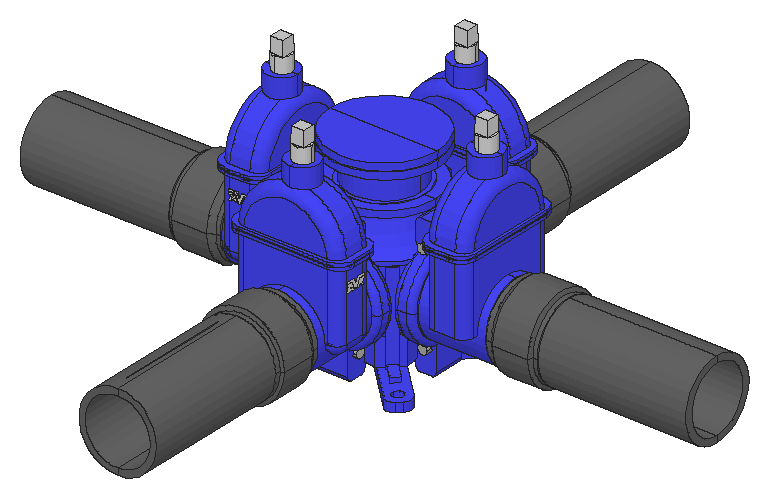
Revit family "18-01-010 DN150 Combicross without BL_CAP_D180", category Pipe Accessories, Revit 2022
Family settings
  Round Connector Dimension = Use Diameter
  Part Type = Valve - Breaks Into
  Work Plane-Based = No
  Always vertical = Yes
  Cut with Voids When Loaded = No
  Shared = No
Parameters (values of type "DN150 Without BL_CAP_D180")
  test = 100 mm  # constant formula
  URL_product_pages = "https://www.avkvalves.com/P.aspx?no=1815001DDDD94764"
  Search_table = "18-01-010 DN150 Combicross without BL_CAP_D180"
  Rib_dim2 = 510 mm * 0.04  # 20.4 mm
  Rib_dim1 = 55 mm * 0.2  # 11 mm
  Raised_dis = size_lookup(Search_table, "Raised_dis", 0 mm, DN)  # 3 mm
  Rib_dim3 = PCD * 0.45  # 180 mm
  PCD = 510 mm - 110 mm  # 400 mm
  L3 = size_lookup(Search_table, "L3", 0 mm, DN)  # 956 mm
  L = size_lookup(Search_table, "L", 0 mm, DN) / 2  # 770.5 mm
  Hole_dia = 26 mm / 2  # 13 mm
  H3-H1 = H3 - H1  # 401 mm
  H3 = size_lookup(Search_table, "H3", 0 mm, DN)  # 591 mm
  H1 = size_lookup(Search_table, "H1", 0 mm, DN)  # 190 mm
  FL_T = size_lookup(Search_table, "FL_T", 0 mm, DN)  # 16 mm
  Description_ = "COMBI-CROSS, PE PIPE ENDS, PN16"
  Default Elevation = 0 mm
  DN150 Without BL_CAP_D180 = "18-150-01-DDDD94764"
  DN = 150 mm
  Conn.3 = size_lookup(Search_table, "Conn.3", 0 mm, DN)  # 180 mm
  Conn.2 = size_lookup(Search_table, "Conn.2", 0 mm, DN)  # 180 mm
  Conn.1 = size_lookup(Search_table, "Conn.1", 0 mm, DN)  # 180 mm
  L4 = size_lookup(Search_table, "L4", 0 mm, DN)  # 344 mm
  Centre_Flange_OD = size_lookup(Search_table, "Centre_Flange_OD", 0 mm, DN) / 2  # 110 mm
  Centre_Bnt_H = size_lookup(Search_table, "Centre_Bnt_H", 0 mm, DN)  # 85 mm
  Centre_dis = size_lookup(Search_table, "Centre_dis", 0 mm, DN) / 2  # 125 mm
  Centre_B_H = size_lookup(Search_table, "Centre_B_H", 0 mm, DN)  # 188 mm
  C_to_connection = size_lookup(Search_table, "C_to_connection", 0 mm, DN)  # 125 mm
  C_FL_D = size_lookup(Search_table, "C_FL_D", 0 mm, DN) / 2  # 120 mm
  C_Bnt_OD = Bore * 1.25  # 93.75 mm
  Bore = DN / 2  # 75 mm
  Body_T = size_lookup(Search_table, "Body_T", 0 mm, DN)  # 9 mm
  Bnt_RR = Centre_dis * 0.85  # 106.25 mm
  55/2 = 55 mm / 2  # 27.5 mm
  510 = 510 mm / 2  # 255 mm
  35 = 35 mm  # constant formula
  320 = 320 mm / 2  # 160 mm
  30 = 30 mm  # constant formula
  20 = 20 mm  # constant formula
  2 = 2 mm  # constant formula
  185 = 185 mm  # constant formula
  15 = 15 mm  # constant formula
  10 = 10 mm  # constant formula
  1 = 150 mm  # constant formula
Reference planes
  plane 1 "Center (Front/Back)": y = 0
  plane 2: z = 0
  plane 3 "Center (Left/Right)": x = 0
  plane 4: through (0, 0, 1200) normal (-0.7071, 0.7071, 0)
  plane 5: through (0, 0, 1200) normal (-0.7071, -0.7071, 0)
  plane 6: z = 75
  plane 7: z = -75
  plane 8: z = 188
  plane 9: z = 172
  plane 10: x = -75
  plane 11: x = 75
  plane 12: x = -125
  plane 13: x = 125
  plane 14: z = 273
  plane 15: z = 270
  plane 16: z = 289
  plane 17: z = 401
  plane 18: x = -125
  plane 19: x = 125
  plane 20: y = 125
  plane 21: y = -125
  plane 22: through (124.616, -485.241, 1200) normal (0.7071, 0.7071, 0)
  plane 23: z = -185
  plane 24: z = -155
  plane 25: through (-593.135, 232.511, 1200) normal (0.7071, 0.7071, 0)
  plane 26: y = -75
  plane 27: x = -75
  plane 28: through (-126.931, 487.555, 1200) normal (0.7071, 0.7071, 0)
  plane 29: through (-400.771, -40.147, 1200) normal (-0.7071, 0.7071, 0)
  plane 30: through (-24.107, -384.732, 1200) normal (-0.7071, 0.7071, 0)
  plane 31: through (58.234, 97.33, 1200) normal (0.7071, 0.7071, 0)
  plane 32: through (-97.33, -58.234, 1200) normal (0.7071, 0.7071, 0)
  plane 33: through (58.234, -97.33, 1200) normal (-0.7071, 0.7071, 0)
  plane 34: through (-97.33, 58.234, 1200) normal (-0.7071, 0.7071, 0)
  plane 35: x = -770.5
  plane 36: x = 770.5
  plane 37: x = -426.5
  plane 38: z = -190
  plane 39: y = 770.5
  plane 40: y = -185.5
Forms (mm)
  Revolve 1, solid, material "Laminate, Blue, Matte"
    sketch origin (0, 0, -71.799) x (1, 0, 0) y (0, 0, 1)
      loop
        line (-125, 155.799) -> (-125, 146.799) -> (-75, 146.799) -> (-75, 243.799) -> (-84, 243.799)
        arc (-84, 243.799) -> (-96.418, 196.034) -> (-125, 155.799) r 136.586
      axis (0, 243.799) -> (0, 146.799)
    angle from 0 to 360
  Revolve 2, solid, material "Laminate, Blue, Matte"
    sketch origin (0, 0, 0) x (1, 0, 0) y (0, 0, 1)
      loop
        line (125, 270) -> (106.25, 270) -> (106.25, 273) -> (75, 273) -> (75, 188) -> (84, 188) -> (84, 254) -> (125, 254) -> (125, 270)
      axis (0, 273) -> (0, 188)
    angle from 0 to 360
  Extrusion 3, solid, material "Laminate, Blue, Matte"
    sketch origin (-442.62, -1524, 188) x (-1, 0, 0) y (0, -1, 0)
      loop
        circle (-442.62, -1524) r 93.75
      loop
        circle (-442.62, -1524) r 75
    from 0 to -16
  Revolve 4, solid, material "Laminate, Blue, Matte"
    sketch origin (0, 0, 0) x (1, 0, 0) y (0, 0, 1)
      loop
        line (-125, 289) -> (-125, 273) -> (0, 273) -> (0, 289) -> (-125, 289)
      axis (0, 273) -> (0, 289)
    angle from 0 to 360
  Revolve 5, solid, material "Laminate, Blue, Matte"
    sketch origin (0, 0, 0) x (1, 0, 0) y (0, 0, 1)
      loop
        line (0, 75) -> (-125, 75) -> (-125, -64)
        arc (-125, -64) -> (-119.142, -78.142) -> (-105, -84) r 20
        line (-105, -84) -> (0, -84) -> (0, 75)
      axis (0, 75) -> (0, -84)
    angle from 0 to 360
  Revolve 6, solid, material "Laminate, Blue, Matte"
    sketch origin (0, 0, 0) x (1, 0, 0) y (0, 0, 1)
      loop
        line (-120, 188) -> (-120, 172) -> (0, 172) -> (0, 188) -> (-120, 188)
      axis (0, 188) -> (0, 172)
    angle from 0 to 360
  Extrusion 7, solid, material "Laminate, Blue, Matte"
    sketch origin (0, 0, 0) x (1, 0, 0) y (0, 0, 1)
      loop
        circle (0, 0) r 75
    from -125 to 125
  Extrusion 8, solid, material "Laminate, Blue, Matte"
    sketch origin (0, 0, 0) x (0, 1, 0) y (0, 0, 1)
      loop
        circle (0, 0) r 75
    from -125 to 125
  Extrusion 9, solid, material "Laminate, Blue, Matte"
    sketch origin (-49.134, 0, 0) x (1, 0, 0) y (0, 1, 0)
      loop
        line (-136.481, -175.009) -> (-125.875, -185.616)
        arc (-125.875, -185.616) -> (-111.733, -191.473) -> (-97.59, -185.616) r 20
        line (-97.59, -185.616) -> (49.134, -38.891) -> (195.859, -185.616)
        arc (195.859, -185.616) -> (210.001, -191.473) -> (224.143, -185.616) r 20
        line (224.143, -185.616) -> (234.75, -175.009)
        arc (234.75, -175.009) -> (240.608, -160.867) -> (234.75, -146.725) r 20
        line (234.75, -146.725) -> (88.025, 0) -> (234.75, 146.725)
        arc (234.75, 146.725) -> (240.608, 160.867) -> (234.75, 175.009) r 20
        line (234.75, 175.009) -> (224.143, 185.616)
        arc (224.143, 185.616) -> (210.001, 191.473) -> (195.859, 185.616) r 20
        line (195.859, 185.616) -> (49.134, 38.891) -> (-97.59, 185.616)
        arc (-97.59, 185.616) -> (-111.733, 191.473) -> (-125.875, 185.616) r 20
        line (-125.875, 185.616) -> (-136.481, 175.009)
        arc (-136.481, 175.009) -> (-142.339, 160.867) -> (-136.481, 146.725) r 20
        line (-136.481, 146.725) -> (10.243, 0) -> (-136.481, -146.725)
        arc (-136.481, -146.725) -> (-142.339, -160.867) -> (-136.481, -175.009) r 20
      loop
        circle (-110.866, -160) r 13
      loop
        circle (209.134, 160) r 13
      loop
        circle (209.134, -160) r 13
      loop
        circle (-110.866, 160) r 13
    from -135 to -155
  Extrusion 10, solid, material "Laminate, Blue, Matte"
    sketch origin (-49.134, 0, 0) x (1, 0, 0) y (0, 1, 0)
      loop
        arc (-14.397, 105.957) -> (-38.375, 87.56) -> (-57.238, 63.946) r 125
        arc (-57.238, 63.946) -> (-51.47, 0.031) -> (-57.181, -63.889) r 358.772
        arc (-57.181, -63.889) -> (-38.3, -87.489) -> (-14.306, -105.867) r 125
        arc (-14.306, -105.867) -> (49.049, -99.923) -> (112.418, -105.711) r 345.161
        arc (112.418, -105.711) -> (136.834, -87.871) -> (156.251, -64.69) r 125
        arc (156.251, -64.69) -> (148.979, -0.039) -> (156.18, 64.619) r 292.468
        arc (156.18, 64.619) -> (137.545, 88.412) -> (113.745, 107.038) r 125
        arc (113.745, 107.038) -> (49.784, 93.453) -> (-14.397, 105.957) r 163.88
    from -135 to 0
  Extrusion 11, solid, material "Laminate, Blue, Matte"
    sketch origin (-49.134, 0, 0) x (1, 0, 0) y (0, 1, 0)
      loop
        line (49.134, 14.142) -> (-71.074, 134.35) -> (-85.216, 120.208) -> (34.992, 0) -> (-85.216, -120.208) -> (-71.074, -134.35) -> (49.134, -14.142) -> (169.342, -134.35) -> (183.484, -120.208) -> (63.276, 0) -> (183.484, 120.208) -> (169.342, 134.35) -> (49.134, 14.142)
    from -125 to -190
  Extrusion 12, solid, material "Laminate, Blue, Matte"
    sketch origin (-49.134, 0, 0) x (1, 0, 0) y (0, 1, 0)
      loop
        line (104.713, 71.135) -> (120.269, 55.579) -> (149.119, 84.429) -> (133.563, 99.985) -> (104.713, 71.135)
      loop
        line (-50.851, -84.429) -> (-35.294, -99.985) -> (-6.444, -71.135) -> (-22.001, -55.579) -> (-50.851, -84.429)
      loop
        line (149.119, -84.429) -> (120.269, -55.579) -> (104.713, -71.135) -> (133.563, -99.985) -> (149.119, -84.429)
      loop
        line (-6.444, 71.135) -> (-35.294, 99.985) -> (-50.851, 84.429) -> (-22.001, 55.579) -> (-6.444, 71.135)
    from -155 to 75
Dimensions and locks
  equal spacing: plane 6, level, plane 7
  "Bore": plane 6 to level
  "Centre_B_H": plane 8 to level
  "FL_T": plane 8 to plane 9
  equal spacing: plane 11, plane 3 "Center (Left/Right)", plane 10
  "Bore": plane 3 "Center (Left/Right)" to plane 10
  "Body_T": plane 10 to Revolve 1 sketch curve
  equal spacing: plane 13, plane 3 "Center (Left/Right)", plane 12
  "Centre_dis": plane 3 "Center (Left/Right)" to plane 12
  "Centre_Bnt_H": plane 8 to plane 14
  "Raised_dis": Revolve 2 sketch curve to plane 14
  "Body_T": Revolve 2 sketch curve to plane 11
  "Raised_dis": plane 15 to plane 14
  "FL_T": Revolve 2 sketch curve to plane 15
  "Bnt_RR": Revolve 2 sketch curve to plane 3 "Center (Left/Right)"
  equal spacing: Extrusion 3 sketch curve, plane 3 "Center (Left/Right)", Extrusion 3 sketch curve  (x2)
  equal spacing: Extrusion 3 sketch curve, plane 1 "Center (Front/Back)", Extrusion 3 sketch curve  (x2)
  "FL_T": plane 16 to plane 14
  "H3-H1": plane 17 to level
  "Body_T": plane 7 to Revolve 5 sketch curve
  "C_FL_D": plane 3 "Center (Left/Right)" to Revolve 6 sketch curve
  equal spacing: Extrusion 7 sketch curve, plane 3 "Center (Left/Right)", Extrusion 7 sketch curve
  equal spacing: Extrusion 7 sketch curve, level, Extrusion 7 sketch curve
  equal spacing: Extrusion 7, plane 1 "Center (Front/Back)", Extrusion 7
  "C_to_connection": Extrusion 7 to plane 1 "Center (Front/Back)"
  equal spacing: plane 19, plane 3 "Center (Left/Right)", plane 18
  "C_to_connection": plane 3 "Center (Left/Right)" to plane 18
  equal spacing: Extrusion 8 sketch curve, plane 1 "Center (Front/Back)", Extrusion 8 sketch curve
  equal spacing: Extrusion 8 sketch curve, level, Extrusion 8 sketch curve
  equal spacing: Extrusion 8, plane 3 "Center (Left/Right)", Extrusion 8
  equal spacing: plane 20, plane 1 "Center (Front/Back)", plane 21
  "C_to_connection": plane 20 to plane 1 "Center (Front/Back)"
  equal spacing: Extrusion 9 sketch curve, plane 4, Extrusion 9 sketch curve
  "55/2": Extrusion 9 sketch curve to plane 4
  "510": plane 5 to Extrusion 9 sketch curve
  "510": plane 5 to plane 22
  "185": level to plane 23
  "30": Extrusion 9 to plane 23
  "30": plane 24 to plane 23
  "20": Extrusion 9 to plane 24
  "510": plane 5 to plane 25
  "510": plane 28 to plane 5
  Extrusion 9 sketch curve to Extrusion 9 sketch curve = 55 mm
  "510": plane 29 to plane 4
  "510": plane 4 to plane 30
  "Body_T": Revolve 1 sketch curve to plane 6
  "Centre_Flange_OD": plane 31 to plane 5
  equal spacing: Extrusion 12 sketch curve, plane 4, Extrusion 12 sketch curve  (x2)
  "Rib_dim2": plane 31 to Extrusion 12 sketch curve
  "Rib_dim2": Extrusion 12 sketch curve to plane 31
  "Rib_dim1": Extrusion 12 sketch curve to plane 4
  equal spacing: Extrusion 12 sketch curve, plane 5, Extrusion 12 sketch curve  (x2)
  "Rib_dim2": Extrusion 12 sketch curve to plane 32
  "Rib_dim2": plane 33 to Extrusion 12 sketch curve
  "Rib_dim2": Extrusion 12 sketch curve to plane 33
  "Rib_dim2": plane 34 to Extrusion 12 sketch curve
  "Rib_dim1": Extrusion 12 sketch curve to plane 5
  "Rib_dim1": plane 5 to Extrusion 12 sketch curve
  equal spacing: Extrusion 9 sketch curve, plane 5, Extrusion 9 sketch curve
  "320": Extrusion 9 sketch curve to plane 3 "Center (Left/Right)"  (x2)
  "320": plane 3 "Center (Left/Right)" to Extrusion 9 sketch curve  (x2)
  equal spacing: Extrusion 11 sketch curve, plane 4, Extrusion 11 sketch curve  (x2)
  equal spacing: Extrusion 11 sketch curve, plane 5, Extrusion 11 sketch curve  (x2)
  "10": Extrusion 11 sketch curve to plane 5
  "10": plane 4 to Extrusion 11 sketch curve
  "Rib_dim3": Extrusion 11 sketch curve to plane 5
  "Rib_dim3": Extrusion 11 sketch curve to plane 4
  equal spacing: Extrusion 10 sketch curve, plane 5, Extrusion 10 sketch curve  (x2)
  "30": plane 5 to Extrusion 10 sketch curve
  equal spacing: Extrusion 10 sketch curve, plane 4, Extrusion 10 sketch curve  (x2)
  "30": Extrusion 10 sketch curve to plane 5
  "30": plane 4 to Extrusion 10 sketch curve  (x2)
  "L": plane 3 "Center (Left/Right)" to plane 35
  "L": plane 3 "Center (Left/Right)" to plane 36
  "L4": plane 35 to plane 37
  "H1": level to plane 38
  "30": Extrusion 11 to plane 24
  plane 17 to plane 38 = 591 mm
  plane 35 to plane 36 = 1541 mm
  "L": plane 1 "Center (Front/Back)" to plane 39
  "L3": plane 39 to plane 40
  "Bore": radius of Extrusion 3 sketch curve
  "C_Bnt_OD": radius of Extrusion 3 sketch curve
  "Bore": radius of Extrusion 7 sketch curve
  "Bore": radius of Extrusion 8 sketch curve
  "Hole_dia": radius of Extrusion 9 sketch curve  (x4)
  "20": radius of Extrusion 9 sketch curve  (x8)
  "Centre_dis": radius of Extrusion 10 sketch curve  (x4)
  aligned and locked: level to plane 2
  aligned and locked: Revolve 1 sketch curve to plane 3 "Center (Left/Right)"
  aligned and locked: Revolve 1 sketch curve to plane 6
  aligned and locked: plane 10 to Revolve 1 sketch curve
  aligned and locked: plane 9 to Revolve 1 sketch curve
  aligned and locked: Revolve 1 sketch curve to plane 12
  aligned and locked: Revolve 2 sketch curve to plane 3 "Center (Left/Right)"
  aligned and locked: plane 8 to Revolve 2 sketch curve
  aligned and locked: Revolve 2 sketch curve to plane 11
  aligned and locked: plane 14 to Revolve 2 sketch curve
  aligned and locked: plane 13 to Revolve 2 sketch curve
  aligned and locked: plane 8 to Extrusion 3
  aligned and locked: Extrusion 3 to plane 9
  aligned and locked: plane 16 to Revolve 4 sketch curve
  aligned and locked: plane 12 to Revolve 4 sketch curve
  aligned and locked: plane 14 to Revolve 4 sketch curve
  aligned and locked: Revolve 4 sketch curve to plane 3 "Center (Left/Right)"
  aligned and locked: Revolve 4 sketch curve to plane 16
  aligned and locked: plane 3 "Center (Left/Right)" to Revolve 5 sketch curve
  aligned and locked: plane 6 to Revolve 5 sketch curve
  aligned and locked: Revolve 5 sketch curve to plane 3 "Center (Left/Right)"
  aligned and locked: Revolve 6 sketch curve to plane 3 "Center (Left/Right)"  (x2)
  aligned and locked: Revolve 6 sketch curve to plane 8
  aligned and locked: plane 9 to Revolve 6 sketch curve
  aligned and locked: Extrusion 8 to plane 18
  aligned and locked: Extrusion 9 sketch curve to plane 22
  aligned and locked: level to Extrusion 10
  aligned and locked: Extrusion 9 sketch curve to plane 28
  aligned and locked: Extrusion 9 sketch curve to Extrusion 9 sketch curve  (x2)
  aligned and locked: plane 30 to Extrusion 9 sketch curve
  aligned and locked: Extrusion 9 sketch curve to plane 29
  aligned and locked: Extrusion 11 sketch curve to Extrusion 11 sketch curve  (x4)
  aligned and locked: Extrusion 12 sketch curve to Extrusion 12 sketch curve  (x4)
  aligned and locked: Extrusion 12 to plane 24
  aligned and locked: plane 6 to Extrusion 12
  aligned and locked: plane 18 to nested 1
  aligned and locked: plane 20 to nested 2
  aligned and locked: Extrusion 11 to plane 38
  aligned and locked: nested 3 to plane 1 "Center (Front/Back)"
  aligned and locked: nested 3 to plane 19
  aligned and locked: plane 3 "Center (Left/Right)" to nested 4
  aligned and locked: nested 4 to Extrusion 7
Automatic sketch dimensions
  Revolve 4 sketch curve to plane 3 "Center (Left/Right)" = 0 mm
  plane 16 to Revolve 4 sketch curve = 85 mm
  Revolve 1 sketch curve to plane 8 = 6.082 mm
  Revolve 1 sketch curve to plane 9 = 32.024 mm
  plane 8 to Revolve 1 sketch curve = 16.976 mm
  Revolve 2 sketch curve to plane 17 = 11.711 mm
  plane 17 to Revolve 2 sketch curve = 3.289 mm
  Revolve 5 sketch curve to plane 12 = 0 mm
  plane 12 to Revolve 5 sketch curve = 20 mm
  Revolve 5 sketch curve to Revolve 5 sketch curve = 31 mm
  Revolve 5 sketch curve to plane 9 = 15 mm
  Revolve 6 sketch curve to plane 9 = 20 mm
  Revolve 6 sketch curve to Revolve 6 sketch curve = 25 mm
  plane 1 "Center (Front/Back)" to Extrusion 9 sketch curve = 0 mm  (x2)
  Extrusion 9 sketch curve to plane 3 "Center (Left/Right)" = 0 mm  (x2)
  Extrusion 9 sketch curve to plane 5 = 0 mm
  Extrusion 9 sketch curve to plane 4 = 0 mm  (x2)
  plane 1 "Center (Front/Back)" to Extrusion 10 sketch curve = 0.129 mm
  Extrusion 10 sketch curve to plane 37 = 32.876 mm
  Extrusion 10 sketch curve to plane 3 "Center (Left/Right)" = 0.731 mm
  plane 3 "Center (Left/Right)" to Extrusion 10 sketch curve = 0.01 mm
  plane 3 "Center (Left/Right)" to Extrusion 10 sketch curve = 0.016 mm
  Extrusion 10 sketch curve to plane 1 "Center (Front/Back)" = 0.007 mm
  plane 3 "Center (Left/Right)" to Extrusion 10 sketch curve = 0.04 mm
  plane 3 "Center (Left/Right)" to Extrusion 10 sketch curve = 0.34 mm
  plane 3 "Center (Left/Right)" to Extrusion 10 sketch curve = 2.288 mm
  Extrusion 10 sketch curve to plane 1 "Center (Front/Back)" = 0.121 mm
  plane 13 to Extrusion 10 sketch curve = 267.313 mm
  Extrusion 10 sketch curve to plane 40 = 259.583 mm
Nested families
  nested 1: "Gate valve DN150" at (-237, 0, 0), type "Gate valve DN150"
  nested 2: "Gate valve DN150" at (0, 237, 0) x (0, -1, 0) z (0, 0, 1), type "Gate valve DN150"
  nested 3: "Gate valve DN150" at (237, 0, 0) x (-1, 0, 0) z (0, 0, 1), type "Gate valve DN150"
  nested 4: "Gate valve DN150" at (0, -237, 0) x (0, 1, 0) z (0, 0, 1), type "Gate valve DN150"
Connectors
  piping at (-771, 0, 0), diameter 150, driven by "DN"
    settings: on nested 1, index 1, connector inside diameter 609.6 mm, connector length 0 mm, flow factor 0, pipe flow 0.0 L/s, pressure drop 0.0 Pa, fitting loss kfactor 0, connector angle 0.00°, fixture units 0, engagement length 0 mm, angle of deflection 0.00°, flow configuration 0, flow direction 0, fitting loss method 0, system type 7, joint type 0, gender type 0, connector reference index -1, connector utility 0, adjustable connector no, is connector primary yes, connector description ""
  piping at (771, 0, 0), diameter 150, driven by "DN"
    settings: on nested 3, index 2, connector inside diameter 609.6 mm, connector length 0 mm, flow factor 0, pipe flow 0.0 L/s, pressure drop 0.0 Pa, fitting loss kfactor 0, connector angle 0.00°, fixture units 0, engagement length 0 mm, angle of deflection 0.00°, flow configuration 0, flow direction 0, fitting loss method 0, system type 7, joint type 0, gender type 0, connector reference index -1, connector utility 0, adjustable connector no, is connector primary no, connector description ""
  piping at (0, 771, 0), diameter 150, driven by "DN"
    settings: on nested 2, index 3, connector inside diameter 609.6 mm, connector length 0 mm, flow factor 0, pipe flow 0.0 L/s, pressure drop 0.0 Pa, fitting loss kfactor 0, connector angle 0.00°, fixture units 0, engagement length 0 mm, angle of deflection 0.00°, flow configuration 0, flow direction 0, fitting loss method 0, system type 7, joint type 0, gender type 0, connector reference index -1, connector utility 0, adjustable connector no, is connector primary no, connector description ""
  piping at (0, -771, 0), diameter 150, driven by "DN"
    settings: on nested 4, index 4, connector inside diameter 609.6 mm, connector length 0 mm, flow factor 0, pipe flow 0.0 L/s, pressure drop 0.0 Pa, fitting loss kfactor 0, connector angle 0.00°, fixture units 0, engagement length 0 mm, angle of deflection 0.00°, flow configuration 0, flow direction 0, fitting loss method 0, system type 7, joint type 0, gender type 0, connector reference index -1, connector utility 0, adjustable connector no, is connector primary no, connector description ""
Definition of nested family "Gate valve DN150"
  Parameters (values of type "Gate valve DN150")
    max_H = size_lookup(Search_table, "max_H", 0 mm, DN)  # 104 mm
    Width = size_lookup(Search_table, "Width", 0 mm, DN) / 2  # 23.5 mm
    Stem_Hole = 21.5 mm  # constant formula
    Stem_H = 47 mm  # constant formula
    Stem_F2 = 34 mm  # constant formula
    Stem_F1 = 30 mm / 2  # 15 mm
    Stem_F = 28 mm / 2  # 14 mm
    Search_table = "Gate valve"
    SctoF = size_lookup(Search_table, "SctoF", 0 mm, DN)  # 642 mm
    Polymer = (H33 - HH) * 0.95  # 94.05 mm
    PE_dis1 = PE_dis * 0.1  # 12 mm
    PE_dis = size_lookup(Search_table, "PE_dis", 0 mm, DN)  # 120 mm
    PE_dia1 = PE_dia * 0.9  # 89.1 mm
    PE_dia = size_lookup(Search_table, "PE_dia", 0 mm, DN) / 2  # 99 mm
    L4 = size_lookup(Search_table, "L4", 0 mm, DN)  # 344 mm
    L/2 = L * 0.5  # 770.5 mm
    L = size_lookup(Search_table, "L", 0 mm, DN)  # 1541 mm
    Inner_Width = size_lookup(Search_table, "Inner_Width", 0 mm, DN)  # 32.5 mm
    HH = size_lookup(Search_table, "HH", 0 mm, DN)  # 400 mm
    H33-HH = (H33 - HH)  # 99 mm
    H33 = size_lookup(Search_table, "H33", 0 mm, DN)  # 499 mm
    H3-H1 = H3 - H1  # 401 mm
    H3 = size_lookup(Search_table, "H3", 0 mm, DN)  # 591 mm
    H1 = size_lookup(Search_table, "H1", 0 mm, DN)  # 190 mm
    Default Elevation = 1219.2 mm
    DN = 150.1 mm
    D = size_lookup(Search_table, "D", 0 mm, DN) / 2  # 90 mm
    CtoSocket = size_lookup(Search_table, "CtoSocket", 0 mm, DN)  # 112 mm
    CtoFit = size_lookup(Search_table, "CtoFit", 0 mm, DN)  # 190 mm
    Clamp_width = size_lookup(Search_table, "Clamp_width", 0 mm, DN) / 2  # 159 mm
    Clamp_w_T = size_lookup(Search_table, "Clamp_w_T", 0 mm, DN)  # 11 mm
    Clamp_W_H = size_lookup(Search_table, "Clamp_W_H", 0 mm, DN)  # 35 mm
    Clamp_R = size_lookup(Search_table, "Clamp_R", 0 mm, DN)  # 85.5 mm
    Bore = DN / 2  # 75.05 mm
    Bont_dim2 = Stem_Hole * 1.7  # 36.55 mm
    Bont_R = size_lookup(Search_table, "Bont_R", 0 mm, DN)  # 35 mm
    Body_T = size_lookup(Search_table, "Body_T", 0 mm, DN)  # 9 mm
    Body_R = 25 mm  # constant formula
    Bnt_FL_W = size_lookup(Search_table, "Bnt_FL_W", 0 mm, DN) / 2  # 137 mm
    Bnt_FL_L = Bdy_W * 1.18  # 56.64 mm
    Bdy_W = size_lookup(Search_table, "Bdy_W", 0 mm, DN) / 2  # 48 mm
    Bdy_Rib_L = size_lookup(Search_table, "Bdy_Rib_L", 0 mm, DN) / 2  # 60 mm
    Bdy_OD_R = size_lookup(Search_table, "Bdy_OD_R", 0 mm, DN)  # 92 mm
    Bdy_L = size_lookup(Search_table, "Bdy_L", 0 mm, DN) / 2  # 122 mm
    Bdy_H = size_lookup(Search_table, "Bdy_H", 0 mm, DN)  # 172 mm
    Bdy_FL_T = size_lookup(Search_table, "Bdy_FL_T", 0 mm, DN)  # 7.5 mm
    5 = 10 mm  # constant formula
    1 = 1 mm  # constant formula
  Reference planes
    plane 1 "Center (Front/Back)": y = 0
    plane 2: z = 0
    plane 3 "Center (Left/Right)": x = 0
    plane 4: z = 75.05
    plane 5: z = -75.05
    plane 6: x = -534
    plane 7: x = 112
    plane 8: y = -122
    plane 9: y = -97
    plane 10: y = 122
    plane 11: y = 57
    plane 12: z = 172
    plane 13: z = 401
    plane 14: z = 367
    plane 15: z = 367
    plane 16: z = 367
    plane 17: x = -190
    plane 18: x = -70
    plane 19: y = 89.1
    plane 20: x = 48
    plane 21: z = 104
    plane 22: z = 104
    plane 23: y = 35
    plane 24: z = 90
  Forms (mm)
    Extrusion 1, solid
      sketch origin (0, 0, 0) x (1, 0, 0) y (0, 1, 0)
        loop
          line (-20, 15.981) -> (-20, -7.599) -> (20.031, -7.599) -> (20.031, 15.981) -> (-20, 15.981)
      from 0 to 3.871
    Revolve 2, solid
      sketch origin (0, 0, 0) x (1, 0, 0) y (0, 0, 1)
        loop
          line (-534, 90) -> (-534, 75.05) -> (-190, 75.05) -> (-190, 90) -> (-534, 90)
        axis (-534, 0) -> (-190, 0)
      angle from 0 to 360
    Extrusion 3, solid
      sketch origin (0, 0, 0) x (1, 0, 0) y (0, 1, 0)
        loop
          arc (-23, 122) -> (-40.678, 114.678) -> (-48, 97) r 25
          line (-48, 97) -> (-48, -97)
          arc (-48, -97) -> (-40.678, -114.678) -> (-23, -122) r 25
          line (-23, -122) -> (23, -122)
          arc (23, -122) -> (40.678, -114.678) -> (48, -97) r 25
          line (48, -97) -> (48, 97)
          arc (48, 97) -> (40.678, 114.678) -> (23, 122) r 25
          line (23, 122) -> (-23, 122)
      from 0 to 172
    Revolve 4, solid
      sketch origin (0, 0, 0) x (1, 0, 0) y (0, 1, 0)
        loop
          arc (-48, -97) -> (-40.678, -114.678) -> (-23, -122) r 25
          line (-23, -122) -> (23, -122)
          arc (23, -122) -> (40.678, -114.678) -> (48, -97) r 25
          line (48, -97) -> (-48, -97)
        axis (-48, -97) -> (48, -97)
      angle from 0 to 360
    Revolve 5, solid
      sketch origin (0, 0, 0) x (1, 0, 0) y (0, 1, 0)
        loop
          line (-48, 57) -> (48, 57)
          arc (48, 57) -> (40.494, 74.333) -> (23.006, 81.468) r 25
          line (23.006, 81.468) -> (-23.006, 81.468)
          arc (-23.006, 81.468) -> (-40.494, 74.333) -> (-48, 57) r 25
        axis (48, 57) -> (-48, 57)
      angle from 0 to 360
    Revolve 6, solid
      sketch origin (-493.771, -4572, 172) x (-1, 0, 0) y (0, -1, 0)
        loop
          arc (-470.771, -4694) -> (-453.093, -4686.678) -> (-445.771, -4669) r 25
          line (-445.771, -4669) -> (-445.771, -4572) -> (-541.771, -4572) -> (-541.771, -4669)
          arc (-541.771, -4669) -> (-534.449, -4686.678) -> (-516.771, -4694) r 25
          line (-516.771, -4694) -> (-470.771, -4694)
        axis (-445.771, -4572) -> (-541.771, -4572)
      angle from 0 to -180
    Extrusion 7, solid
      sketch origin (-493.771, -4572, 172) x (-1, 0, 0) y (0, -1, 0)
        loop
          arc (-472.131, -4709) -> (-447.382, -4698.749) -> (-437.131, -4674) r 35
          line (-437.131, -4674) -> (-437.131, -4470)
          arc (-437.131, -4470) -> (-447.382, -4445.251) -> (-472.131, -4435) r 35
          line (-472.131, -4435) -> (-515.411, -4435)
          arc (-515.411, -4435) -> (-540.16, -4445.251) -> (-550.411, -4470) r 35
          line (-550.411, -4470) -> (-550.411, -4674)
          arc (-550.411, -4674) -> (-540.16, -4698.749) -> (-515.411, -4709) r 35
          line (-515.411, -4709) -> (-472.131, -4709)
      from -7.5 to 7.5
    Sweep 8, void
      path in 3D
        loop
          arc (21.64, -137, 179.5) -> (46.389, -126.749, 179.5) -> (56.64, -102, 179.5) r 35
          line (56.64, -102, 179.5) -> (56.64, 102, 179.5)
          arc (56.64, 102, 179.5) -> (46.389, 126.749, 179.5) -> (21.64, 137, 179.5) r 35
          line (21.64, 137, 179.5) -> (-21.64, 137, 179.5)
          arc (-21.64, 137, 179.5) -> (-46.389, 126.749, 179.5) -> (-56.64, 102, 179.5) r 35
          line (-56.64, 102, 179.5) -> (-56.64, -102, 179.5)
          arc (-56.64, -102, 179.5) -> (-46.389, -126.749, 179.5) -> (-21.64, -137, 179.5) r 35
          line (-21.64, -137, 179.5) -> (21.64, -137, 179.5)
      profile origin (0, -137, 179.5) x (0, 1, 0) y (0, 0, 1)
        loop
          circle (0, -7.5) r 1
    Revolve 9, solid
      sketch origin (0, 0, 0) x (0, 1, 0) y (0, 0, 1)
        loop
          line (0, 367) -> (-21.5, 367) -> (-21.5, 172) -> (0, 172) -> (0, 367)
        axis (0, 367) -> (0, 172)
      angle from 0 to 360
    Revolve 10, solid
      sketch origin (0, 0, 0) x (1, 0, 0) y (0, 0, 1)
        loop
          line (0, 172) -> (36.55, 172) -> (36.55, 333) -> (0, 333) -> (0, 172)
        axis (0, 333) -> (0, 172)
      angle from 0 to 360
    Blend 11, solid
      base sketch origin (-122.707, -4572, 367) x (-1, 0, 0) y (0, -1, 0)
        loop
          line (-108.707, -4586) -> (-108.707, -4558) -> (-136.707, -4558) -> (-136.707, -4586) -> (-108.707, -4586)
      top sketch origin (-122.707, -4572, 367) x (-1, 0, 0) y (0, -1, 0)
        loop
          line (-107.707, -4587) -> (-107.707, -4557) -> (-137.707, -4557) -> (-137.707, -4587) -> (-107.707, -4587)
      from 34 to 0
    Extrusion 12, solid
      sketch origin (0, 0, 0) x (1, 0, 0) y (0, 0, 1)
        loop
          line (-23.918, 121.947) -> (-23.918, 117.676) -> (-18.918, 117.676) -> (-23.918, 105.451) -> (-18.918, 105.451) -> (-17.873, 108.008) -> (-10.679, 108.008) -> (-8.889, 105.451) -> (-3.889, 105.451) -> (-11.233, 121.947) -> (-23.918, 121.947)
        loop
          line (-16.916, 112.498) -> (-12.014, 112.498) -> (-14.569, 118.237) -> (-16.916, 112.498)
        loop
          line (-23.918, 128.673) -> (-23.918, 123.673) -> (-9.985, 123.673) -> (-1.872, 105.451) -> (2.613, 105.451) -> (10.066, 123.673) -> (25.066, 123.673) -> (25.066, 128.673) -> (6.51, 128.673) -> (0, 112.756) -> (-5.793, 128.673) -> (-23.918, 128.673)
        loop
          line (11.596, 122.277) -> (4.714, 105.451) -> (9.714, 105.451) -> (12.401, 112.021) -> (17.001, 105.451) -> (23.155, 105.451) -> (17.448, 112.498)
          arc (17.448, 112.498) -> (20.917, 114.148) -> (23.144, 117.277) r 7.64
          line (23.144, 117.277) -> (25.066, 117.277) -> (25.066, 122.277) -> (19.932, 122.277) -> (19.583, 120.533)
          arc (19.583, 120.533) -> (17.625, 117.294) -> (14.05, 116.053) r 5.574
          line (14.05, 116.053) -> (16.596, 122.277) -> (11.596, 122.277)
      from 122 to 123
    Revolve 13, solid
      sketch origin (0, 0, 0) x (1, 0, 0) y (0, 1, 0)
        loop
          line (-174.915, 99) -> (-178, 90.1) -> (-190, 90.1) -> (-190, 57) -> (-70, 57) -> (-70, 90.1) -> (-82, 90.1) -> (-94.4, 99) -> (-174.915, 99)
        axis (-190, 0) -> (-70, 0)
      angle from 0 to 360
    Revolve 14, solid
      sketch origin (0, 0, 0) x (1, 0, 0) y (0, 0, 1)
        loop
          line (-56, 75.05) -> (-70, 75.05) -> (-70, 0) -> (-56, 0) -> (-56, 75.05)
        axis (-70, 0) -> (-56, 0)
      angle from 0 to 360
    Revolve 15, solid
      sketch origin (0, 0, 0) x (1, 0, 0) y (0, 1, 0)
        loop
          line (135.5, 75.05) -> (135.5, 90)
          arc (135.5, 90) -> (131.399, 99.899) -> (121.5, 104) r 14
          line (121.5, 104) -> (102.5, 104)
          arc (102.5, 104) -> (92.601, 99.899) -> (88.5, 90) r 14
          line (88.5, 90) -> (88.5, 75.05) -> (135.5, 75.05)
        axis (88.5, 0) -> (135.5, 0)
      angle from 0 to 360
    Extrusion 16, solid
      sketch origin (0, 0, 0) x (1, 0, 0) y (0, 0, 1)
        loop
          arc (98.5, 159) -> (91.429, 156.071) -> (88.5, 149) r 10
          line (88.5, 149) -> (88.5, 90) -> (135.5, 90) -> (135.5, 149)
          arc (135.5, 149) -> (132.571, 156.071) -> (125.5, 159) r 10
          line (125.5, 159) -> (98.5, 159)
        loop
          line (88.5, -90) -> (88.5, -149)
          arc (88.5, -149) -> (91.429, -156.071) -> (98.5, -159) r 10
          line (98.5, -159) -> (125.5, -159)
          arc (125.5, -159) -> (132.571, -156.071) -> (135.5, -149) r 10
          line (135.5, -149) -> (135.5, -90) -> (88.5, -90)
      from -35 to 35
    Extrusion 17, solid
      sketch origin (0, 0, 0) x (1, 0, 0) y (0, 0, 1)
        loop
          circle (113.499, 104) r 10.75
        loop
          circle (112, -104) r 10.75
      from -45 to 45
    Extrusion 18, solid
      sketch origin (112, -4572, 279.192) x (0, 0, 1) y (0, -1, 0)
        loop
          circle (-279.192, -4572) r 75.05
        loop
          circle (-279.192, -4572) r 89.1
      from -182 to 0
  Cuts and joins
    Sweep 8 cuts Extrusion 7
  Lines and regions (mm)
    sketch lines
      curve 1: line (-21.64, -137, 179.5) -> (21.64, -137, 179.5)
      curve 2: arc (-21.64, -137, 179.5) -> (-46.389, -126.749, 179.5) -> (-56.64, -102, 179.5) r 35
      curve 3: arc (56.64, -102, 179.5) -> (46.389, -126.749, 179.5) -> (21.64, -137, 179.5) r 35
      curve 4: line (56.64, -102, 179.5) -> (56.64, 102, 179.5)
      curve 5: arc (21.64, 137, 179.5) -> (46.389, 126.749, 179.5) -> (56.64, 102, 179.5) r 35
      curve 6: line (21.64, 137, 179.5) -> (-21.64, 137, 179.5)
      curve 7: line (-56.64, 102, 179.5) -> (-56.64, -102, 179.5)
      curve 8: arc (-56.64, 102, 179.5) -> (-46.389, 126.749, 179.5) -> (-21.64, 137, 179.5) r 35
  Dimensions and locks
    equal spacing: plane 4, level, plane 5
    "Bore": plane 4 to level
    equal spacing: Extrusion 3 sketch curve, plane 3 "Center (Left/Right)", Extrusion 3 sketch curve
    equal spacing: Extrusion 3 sketch curve, plane 1 "Center (Front/Back)", Extrusion 3 sketch curve
    "Bdy_W": Extrusion 3 sketch curve to plane 3 "Center (Left/Right)"
    "Bdy_L": plane 1 "Center (Front/Back)" to Extrusion 3 sketch curve
    "Bdy_L": plane 8 to plane 1 "Center (Front/Back)"
    "Body_R": plane 9 to plane 8
    "Bdy_L": plane 1 "Center (Front/Back)" to plane 10
    "CtoSocket": plane 7 to plane 3 "Center (Left/Right)"
    "Bdy_H": plane 12 to level
    equal spacing: Revolve 6 sketch curve, plane 3 "Center (Left/Right)", Revolve 6 sketch curve
    "Bdy_L": plane 1 "Center (Front/Back)" to Revolve 6 sketch curve
    "Bdy_W": Revolve 6 sketch curve to plane 3 "Center (Left/Right)"
    equal spacing: Extrusion 7 sketch curve, plane 3 "Center (Left/Right)", Extrusion 7 sketch curve
    equal spacing: Extrusion 7 sketch curve, plane 1 "Center (Front/Back)", Extrusion 7 sketch curve
    "Bnt_FL_W": plane 1 "Center (Front/Back)" to Extrusion 7 sketch curve
    "Bnt_FL_L": plane 3 "Center (Left/Right)" to Extrusion 7 sketch curve
    equal spacing: Extrusion 7, plane 12, Extrusion 7
    "Bdy_FL_T": Extrusion 7 to plane 12
    "1": Sweep 8 sketch curve to plane 12
    "Bnt_FL_W": plane 1 "Center (Front/Back)" to Sweep 8 sketch curve
    "H3-H1": plane 13 to level
    "Stem_Hole": plane 1 "Center (Front/Back)" to Revolve 9 sketch curve
    "Stem_F2": plane 13 to plane 14
    "Bont_dim2": Revolve 10 sketch curve to plane 3 "Center (Left/Right)"
    "Stem_F2": plane 13 to plane 15
    "Stem_F2": plane 15 to Revolve 10 sketch curve
    "Stem_F2": plane 13 to plane 16
    equal spacing: Blend 11 sketch curve, plane 3 "Center (Left/Right)", Blend 11 sketch curve  (x2)
    equal spacing: Blend 11 sketch curve, plane 1 "Center (Front/Back)", Blend 11 sketch curve  (x2)
    "Stem_F": plane 3 "Center (Left/Right)" to Blend 11 sketch curve
    "Stem_F": plane 1 "Center (Front/Back)" to Blend 11 sketch curve
    "Stem_F1": plane 1 "Center (Front/Back)" to Blend 11 sketch curve
    "Stem_F1": plane 3 "Center (Left/Right)" to Blend 11 sketch curve
    "Bdy_L": plane 1 "Center (Front/Back)" to Extrusion 12
    "1": plane 8 to Extrusion 12
    "CtoFit": plane 3 "Center (Left/Right)" to plane 17
    "L4": plane 17 to plane 6
    "PE_dis": plane 18 to plane 17
    "PE_dia": plane 1 "Center (Front/Back)" to Revolve 13 sketch curve
    "PE_dia1": plane 1 "Center (Front/Back)" to plane 19
    "1": Revolve 13 sketch curve to plane 19
    "PE_dis1": plane 17 to Revolve 13 sketch curve
    "PE_dis1": Revolve 13 sketch curve to plane 18
    "Bdy_W": plane 20 to plane 3 "Center (Left/Right)"
    "Bore": level to Revolve 14 sketch curve
    "Stem_F": Revolve 14 sketch curve to plane 18
    "Bdy_W": Revolve 5 sketch curve to plane 3 "Center (Left/Right)"
    "Bdy_W": plane 3 "Center (Left/Right)" to Revolve 5 sketch curve
    plane 3 "Center (Left/Right)" to plane 18 = 70 mm
    "max_H": plane 1 "Center (Front/Back)" to Revolve 15 sketch curve
    equal spacing: Revolve 15 sketch curve, plane 7, Revolve 15 sketch curve
    "Width": Revolve 15 sketch curve to plane 7
    "Bore": plane 1 "Center (Front/Back)" to Revolve 15 sketch curve
    equal spacing: Extrusion 16 sketch curve, plane 7, Extrusion 16 sketch curve  (x2)
    "Width": Extrusion 16 sketch curve to plane 7  (x2)
    equal spacing: Extrusion 16 sketch curve, level, Extrusion 16 sketch curve  (x2)
    "max_H": plane 21 to level
    "Stem_F": plane 21 to Extrusion 16 sketch curve
    "Clamp_width": level to Extrusion 16 sketch curve
    equal spacing: Extrusion 16, plane 1 "Center (Front/Back)", Extrusion 16
    "Clamp_W_H": Extrusion 16 to plane 1 "Center (Front/Back)"
    equal spacing: Extrusion 17 sketch curve, level, Extrusion 17 sketch curve
    "max_H": plane 22 to level
    "max_H": level to Extrusion 17 sketch curve
    equal spacing: Extrusion 17, plane 1 "Center (Front/Back)", Extrusion 17
    "Clamp_W_H": plane 23 to plane 1 "Center (Front/Back)"
    "5": Extrusion 17 to plane 23
    equal spacing: Extrusion 18 sketch curve, plane 1 "Center (Front/Back)", Extrusion 18 sketch curve  (x2)
    equal spacing: Extrusion 18 sketch curve, level, Extrusion 18 sketch curve  (x2)
    "D": plane 24 to level
    "Body_R": radius of Extrusion 3 sketch curve  (x4)
    "Body_R": radius of Revolve 6 sketch curve  (x2)
    "Bont_R": radius of Extrusion 7 sketch curve  (x4)
    "1": radius of Sweep 8 sketch curve
    "Body_R": radius of Revolve 5 sketch curve  (x2)
    "Stem_F": radius of Revolve 15 sketch curve  (x2)
    "5": radius of Extrusion 16 sketch curve  (x4)
    "Stem_Hole": diameter of Extrusion 17 sketch curve  (x2)
    "Bore": radius of Extrusion 18 sketch curve
    "PE_dia1": radius of Extrusion 18 sketch curve
    aligned and locked: plane 2 to Extrusion 1
    aligned and locked: level to Extrusion 1
    aligned and locked: Revolve 2 to plane 6
    aligned and locked: Extrusion 3 to level
    aligned and locked: Revolve 4 sketch curve to Extrusion 3  (x3)
    aligned and locked: Revolve 4 sketch curve to plane 9
    aligned and locked: Revolve 5 sketch curve to plane 11  (x2)
    aligned and locked: plane 12 to Extrusion 3
    aligned and locked: Revolve 6 sketch curve to plane 1 "Center (Front/Back)"
    aligned and locked: plane 1 "Center (Front/Back)" to Revolve 6 sketch curve
    aligned and locked: Revolve 9 sketch curve to plane 1 "Center (Front/Back)"
    aligned and locked: plane 14 to Revolve 9 sketch curve
    aligned and locked: Revolve 9 sketch curve to plane 12
    aligned and locked: Revolve 9 sketch curve to Revolve 9 sketch curve
    aligned and locked: plane 3 "Center (Left/Right)" to Revolve 10 sketch curve
    aligned and locked: plane 12 to Revolve 10 sketch curve
    aligned and locked: Revolve 10 sketch curve to plane 3 "Center (Left/Right)"
    aligned and locked: plane 13 to Blend 11
    aligned and locked: Blend 11 to plane 16
    aligned and locked: Revolve 2 to plane 17
    aligned and locked: Revolve 13 sketch curve to plane 17
    aligned and locked: Revolve 13 sketch curve to Revolve 2
    aligned and locked: Revolve 13 sketch curve to plane 11
    aligned and locked: Revolve 13 sketch curve to Revolve 13 sketch curve
    aligned and locked: level to Revolve 14 sketch curve
    aligned and locked: plane 18 to Revolve 14 sketch curve
    aligned and locked: Revolve 14 sketch curve to level
    aligned and locked: Revolve 13 to plane 18
    aligned and locked: plane 1 "Center (Front/Back)" to Revolve 15 sketch curve
    aligned and locked: Extrusion 18 to plane 18
    aligned and locked: plane 7 to Extrusion 18
    aligned and locked: Revolve 2 sketch curve to plane 24
  Automatic sketch dimensions
    Extrusion 1 sketch curve to Extrusion 1 sketch curve = 40.031 mm
    Extrusion 1 sketch curve to Extrusion 1 sketch curve = 23.58 mm
    Revolve 4 sketch curve to Revolve 4 sketch curve = 10 mm
    Revolve 4 sketch curve to Revolve 4 sketch curve = 30 mm
    Extrusion 12 sketch curve to plane 3 "Center (Left/Right)" = 0 mm
    Extrusion 12 sketch curve to plane 3 "Center (Left/Right)" = 1.872 mm
    Extrusion 12 sketch curve to Extrusion 12 sketch curve = 2.016 mm
    Extrusion 12 sketch curve to plane 3 "Center (Left/Right)" = 5.793 mm
    Extrusion 12 sketch curve to Extrusion 12 sketch curve = 5 mm  (x5)
    Extrusion 12 sketch curve to Extrusion 12 sketch curve = 4.192 mm
    Extrusion 12 sketch curve to Extrusion 12 sketch curve = 1.79 mm
    Extrusion 12 sketch curve to Extrusion 12 sketch curve = 1.248 mm
    Extrusion 12 sketch curve to Extrusion 12 sketch curve = 1.335 mm
    Extrusion 12 sketch curve to Extrusion 12 sketch curve = 3.336 mm
    Extrusion 12 sketch curve to Extrusion 12 sketch curve = 4.902 mm
    Extrusion 12 sketch curve to Extrusion 12 sketch curve = 0.956 mm
    Extrusion 12 sketch curve to Extrusion 12 sketch curve = 4.349 mm
    Extrusion 12 sketch curve to Extrusion 12 sketch curve = 1.046 mm
    Extrusion 12 sketch curve to Extrusion 12 sketch curve = 0 mm  (x6)
    plane 3 "Center (Left/Right)" to Extrusion 12 sketch curve = 2.613 mm
    plane 3 "Center (Left/Right)" to Extrusion 12 sketch curve = 6.51 mm
    Extrusion 12 sketch curve to Extrusion 12 sketch curve = 7.101 mm
    Extrusion 12 sketch curve to Extrusion 12 sketch curve = 3.556 mm
    Extrusion 12 sketch curve to Extrusion 12 sketch curve = 2.687 mm
    Extrusion 12 sketch curve to Extrusion 12 sketch curve = 1.649 mm
    Extrusion 12 sketch curve to Extrusion 12 sketch curve = 4.051 mm
    Extrusion 12 sketch curve to Extrusion 12 sketch curve = 1.888 mm
    Extrusion 12 sketch curve to Extrusion 12 sketch curve = 0.59 mm
    Extrusion 12 sketch curve to Extrusion 12 sketch curve = 7.287 mm
    Extrusion 12 sketch curve to Extrusion 12 sketch curve = 3.398 mm
    Extrusion 12 sketch curve to Extrusion 12 sketch curve = 2.987 mm
    Extrusion 12 sketch curve to Extrusion 12 sketch curve = 0.349 mm
    Extrusion 12 sketch curve to Extrusion 12 sketch curve = 3.561 mm
    Extrusion 12 sketch curve to Extrusion 12 sketch curve = 6.153 mm
    Extrusion 12 sketch curve to Extrusion 12 sketch curve = 1.922 mm
    plane 4 to Extrusion 12 sketch curve = 30.401 mm
    Extrusion 12 sketch curve to Extrusion 12 sketch curve = 2.557 mm
    Extrusion 12 sketch curve to Extrusion 12 sketch curve = 6.57 mm
    Extrusion 12 sketch curve to Extrusion 12 sketch curve = 4.49 mm
    Extrusion 12 sketch curve to Extrusion 12 sketch curve = 0.477 mm
    Extrusion 12 sketch curve to Extrusion 12 sketch curve = 7.305 mm
    Extrusion 12 sketch curve to Extrusion 12 sketch curve = 4.032 mm
    Extrusion 12 sketch curve to Extrusion 12 sketch curve = 4.779 mm
    Extrusion 12 sketch curve to Extrusion 12 sketch curve = 5.178 mm
    Extrusion 12 sketch curve to Extrusion 12 sketch curve = 0.561 mm
    Extrusion 12 sketch curve to Extrusion 12 sketch curve = 0.532 mm
    Extrusion 12 sketch curve to Extrusion 12 sketch curve = 4.271 mm
    Extrusion 12 sketch curve to Extrusion 12 sketch curve = 2.276 mm
    Extrusion 12 sketch curve to Extrusion 12 sketch curve = 1.744 mm
    Extrusion 12 sketch curve to Extrusion 12 sketch curve = 1.396 mm
    Extrusion 12 sketch curve to Extrusion 12 sketch curve = 1.726 mm
    Extrusion 12 sketch curve to Extrusion 12 sketch curve = 2.101 mm
    Extrusion 12 sketch curve to Extrusion 12 sketch curve = 1.53 mm
    Revolve 2 sketch curve to plane 4 = 0 mm
    Revolve 2 sketch curve to plane 6 = 0 mm
    Revolve 2 sketch curve to plane 17 = 0 mm
    Revolve 2 sketch curve to level = 0 mm
    plane 7 to Revolve 2 sketch curve = 31.302 mm
    Revolve 2 sketch curve to Revolve 2 sketch curve = 15 mm
    Revolve 5 sketch curve to plane 11 = 0.532 mm
    plane 18 to Revolve 5 sketch curve = 0.5 mm
    Revolve 5 sketch curve to Revolve 5 sketch curve = 2.506 mm
    plane 7 to Revolve 6 sketch curve = 80.2 mm
    Revolve 6 sketch curve to Revolve 6 sketch curve = 40 mm
    Revolve 9 sketch curve to plane 14 = 49 mm
    Revolve 9 sketch curve to plane 14 = 14 mm
    plane 13 to Revolve 10 sketch curve = 84.044 mm
    Revolve 10 sketch curve to Revolve 10 sketch curve = 35 mm
    Revolve 13 sketch curve to plane 17 = 0 mm
    Revolve 13 sketch curve to plane 18 = 0 mm
    Revolve 13 sketch curve to Revolve 13 sketch curve = 3.085 mm
    Revolve 13 sketch curve to Revolve 13 sketch curve = 12.4 mm
    Revolve 13 sketch curve to plane 3 "Center (Left/Right)" = 14 mm
    Revolve 14 sketch curve to Revolve 14 sketch curve = 3 mm
    Revolve 14 sketch curve to plane 3 "Center (Left/Right)" = 9 mm
    plane 7 to Revolve 15 sketch curve = 59 mm
    Revolve 15 sketch curve to Revolve 15 sketch curve = 35 mm
    Extrusion 17 sketch curve to plane 7 = 0 mm
    plane 7 to Extrusion 17 sketch curve = 1.499 mm
